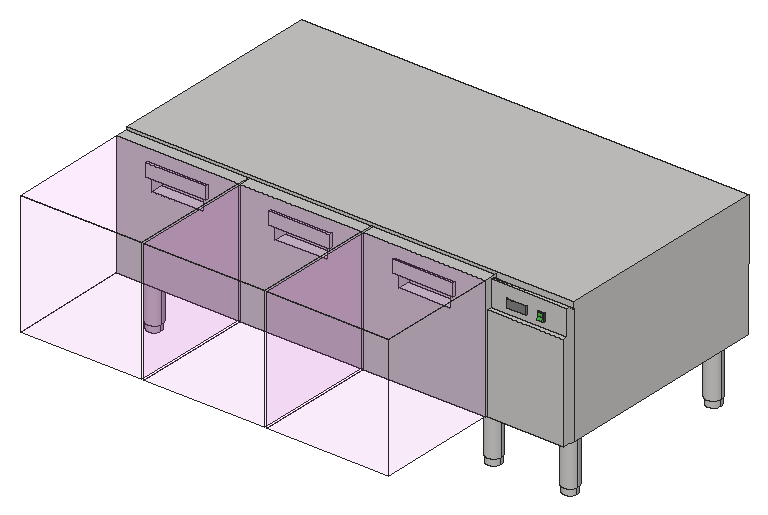
Revit family "QF_ELECTROLUXPROFESSIONAL_391604_E9TTAPCOMKN", category Specialty Equipment, Revit 2018 (continued)
Definition of nested family "01_Refrigerator"
  Lines and regions (mm)
    detail lines, in view "Ref. Level"
      curve 3: line (-51.962, -30, 0) -> (51.962, 30, 0)
      curve 4: line (19.116, 56.873, 0) -> (0, 35, 0)
      curve 5: line (0, 35, 0) -> (-19.116, 56.873, 0)
      curve 6: line (-30.311, 17.5, 0) -> (-40, 45.883, 0)
      curve 7: line (-59.736, 11.7, 0) -> (-30.311, 17.5, 0)
      curve 8: line (-30.311, -17.5, 0) -> (-59.736, -11.7, 0)
      curve 9: line (-40, -45.883, 0) -> (-30.311, -17.5, 0)
      curve 10: line (0, -35, 0) -> (-19.116, -56.873, 0)
      curve 11: line (19.116, -56.873, 0) -> (0, -35, 0)
      curve 12: line (30.311, -17.5, 0) -> (39.696, -44.992, 0)
      curve 13: line (58.812, -11.882, 0) -> (30.311, -17.5, 0)
      curve 14: line (30.311, 17.5, 0) -> (58.812, 11.882, 0)
      curve 15: line (39.696, 44.992, 0) -> (30.311, 17.5, 0)
      curve 16: spline (-200, 0, 0) -> (-193.185, -23.294, 0) -> (-173.205, -45, 0) -> (-141.421, -63.64, 0) -> (-100, -77.942, 0) -> (-51.764, -86.933, 0) -> (0, -90, 0) -> (51.764, -86.933, 0) -> (100, -77.942, 0) -> (141.421, -63.64, 0) -> (173.205, -45, 0) -> (193.185, -23.294, 0) -> (200, 0, 0) -> (193.185, 23.294, 0) -> (173.205, 45, 0) -> (141.421, 63.64, 0) -> (100, 77.942, 0) -> (51.764, 86.933, 0) -> (0, 90, 0) -> (-51.764, 86.933, 0) -> (-100, 77.942, 0) -> (-141.421, 63.64, 0) -> (-173.205, 45, 0) -> (-193.185, 23.294, 0) -> (-200, 0, 0)
Types (2, lengths in mm): name | Volts | URL Manufacturer | URL | Manufacturer | Phase | Model | Item Number | Description | Cycle
  (no name) | 0 V | "" | "" | "" | 0 | "" | "" | "" | 0 Hz
  Standard | 220 V | "http://professional.electrolux.com" | "http://professional.electrolux.com" | "Electrolux Professional" | 1 | "E9TTAPCOMKN" | "391604" | "REFRIGERATED BASE WITH 3 DRAWERS 1600MM-60HZ - R290" | 60 Hz
